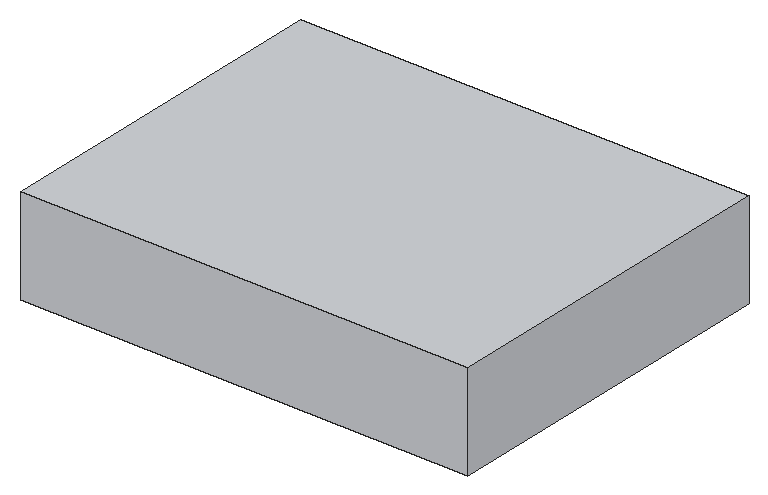
Revit family "88c01ee6d87841bdab716c0ee6041ca0", category Security Devices, host Face, Revit 2021
Family settings
  Host = Face
  Maintain Annotation Orientation = Yes
  Round Connector Dimension = Use Diameter
  Part Type = Normal
  OmniClass Number = 23.85.10.11.11.14
  OmniClass Title = Sirens
  Seek Item ID = Security Siren-0000-USA-ENU
  Cut with Voids When Loaded = No
  Shared = No
  Room Calculation Point = No
Parameters (values of type "Standard")
  Default Elevation = 4' - 0"
  Siren Width = 0' - 5"
  Siren Material = none
  Siren Length = 0' - 6 3/8"
  Siren Height = 0' - 1 3/8"
Reference planes (in)
  plane 1 "Center (Front/Back)": y = 0
  plane 2: z = 0
  plane 3 "Center (Left/Right)": x = 0
  plane 4: y = -5
  plane 5: x = -3.1875
  plane 6: x = 3.1875
  plane 7: z = 1.375
Forms (in)
  Extrusion 1, solid, material <- "Siren Material"
    sketch origin (0, 0, 0) x (1, 0, 0) y (0, 1, 0)
      loop
        line (-3.1875, 0) -> (-3.1875, -5) -> (3.1875, -5) -> (3.1875, 0) -> (-3.1875, 0)
    from 0 to 1.375
Lines and regions (in)
  symbolic lines, detail levels fine
    curve 1: line (3.1875, 0, 1.375) -> (-3.1875, 0, 1.375)
    curve 2: line (-3.1875, 0, 1.375) -> (-3.1875, 0, 0)
    curve 3: line (3.1875, 0, 0) -> (3.1875, 0, 1.375)
    curve 4: line (3.1875, 0, 0) -> (-3.1875, 0, 0)
Dimensions and locks (in)
  equal spacing: plane 5, plane 3 "Center (Left/Right)", plane 6
  "Siren Length": plane 5 to plane 6
  "Siren Width": plane 1 "Center (Front/Back)" to plane 4
  "Siren Height": plane 7 to plane 2
  aligned and locked: plane 2 to host face
  aligned and locked: level to host face
  aligned and locked: plane 5 to Extrusion 1 sketch curve
  aligned and locked: plane 1 "Center (Front/Back)" to Extrusion 1 sketch curve
  aligned and locked: plane 4 to Extrusion 1 sketch curve
  aligned and locked: Extrusion 1 sketch curve to plane 6
  aligned and locked: Extrusion 1 to plane 2
  aligned and locked: plane 7 to Extrusion 1
  aligned and locked: curve 1 to Extrusion 1
  aligned and locked: curve 2 to Extrusion 1
  aligned and locked: curve 3 to Extrusion 1
  aligned and locked: curve 4 to Extrusion 1
  aligned and locked: plane 1 "Center (Front/Back)" to nested 1
  aligned and locked: plane 3 "Center (Left/Right)" to nested 1
Automatic sketch dimensions
  host sketch curve to host sketch curve = 8' - 0"  (x2)
Nested families (in)
  nested 1: "Security Siren Annotation" at (0, 0, 0), type "Security Siren Annotation", detail levels coarse+medium
Connectors (in)
  electrical at (0, -2.5, 0)
    settings: on Extrusion 1, index 1, voltage 0 V, apparent load 0 VA, apparent load phase1 0 VA, apparent load phase2 0 VA, apparent load phase3 0 VA, power factor 1, load classification "Other", number of poles 1, system type 10, power factor state 1, is connector primary yes, connector utility no, sub classification motor no, connector description ""
Definition of nested family "Security Siren Annotation"
  Parameters
    Label Annotation = "AIM"
  Reference planes (in)
    plane 1: y = 0
    plane 2: x = 0
  Lines and regions (in)
    Filled region 1, type "Filled region 1"
      outline origin (0, 0.05413, 0) x (1, 0, 0) y (0, 1, 0)
        loop
          line (0.0625, 0) -> (0.03125, 0.05413) -> (-0.03125, -0.05413) -> (0.03125, -0.05413) -> (0.0625, 0)
    reference lines
      curve 1: line (0.0625, 0.18753, 0) -> (0.0625, -0.10534, 0)
      curve 8: line (-0.34933, 0.05413, 0) -> (0.61666, 0.05413, 0)
    detail lines
      curve 2: line (0.0625, 0.05413, 0) -> (0.03125, 0.10825, 0)
      curve 3: line (0.03125, 0.10825, 0) -> (-0.03125, 0.10825, 0)
      curve 4: line (-0.03125, 0.10825, 0) -> (-0.0625, 0.05413, 0)
      curve 5: line (-0.0625, 0.05413, 0) -> (-0.03125, 0, 0)
      curve 6: line (-0.03125, 0, 0) -> (0.03125, 0, 0)
      curve 7: line (0.03125, 0, 0) -> (0.0625, 0.05413, 0)
  Dimensions and locks (in)
    locked: plane 2 to curve 1 at 0.0625
    plane 1 to curve 8 = 0' - 0.05413"
    aligned and locked: Filled region 1 sketch curve to curve 2
    aligned and locked: Filled region 1 sketch curve to curve 7
    aligned and locked: Filled region 1 sketch curve to curve 6
